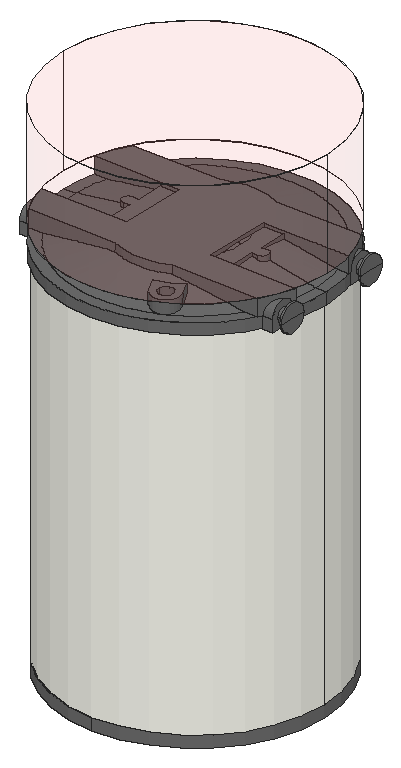
Revit family "Cooling_Plant-Accessories-Calmac-IceBank-Model-1220C2F", category Mechanical Equipment, Revit 2014
Parameters (values of type "1220C2F")
  Watermarked By = "http://revitwatermark.com"
  Water_Ice Tank Volume = "2,185 Gallons"
  Warning = "Ice tanks are a component in an ice storage system including chillers, pumps, and controls. Contact CALMAC for IceBank® selection support to make sure all system components will work together properly."
  URL = "http://www.calmac.com/"
  Total Cooling Capacity [instance] = 0.0 ton
  Tank Net Usable Capacity = "98 Ton-Hrs"
  Product Page URL = "http://www.calmac.com/products/icebank.asp"
  Is Tank 1 Front Right Connector Visible = not(CTRL Off)  # yes
  Is Tank 1 Front Left Connector Visible = not(CTRL On)  # no
  Is Tank 1 Back Right Connector Visible = not(CTRL Off)  # yes
  Is Tank 1 Back Left Connector Visible = not(CTRL On)  # no
  Surface Finish = Plastic- Calmac- Black
  Supply Coolant Temperature [instance] = -459.67 °F
  Storage Inlet Temperature [instance] = 60 °F
  Shipping Weight = 2600.00 lbf
  Return Coolant Temperature [instance] = -459.67 °F
  Requires Plate Heat Exchanger [instance] = no
  Project/Customer = ""
  Product Documentation Link = ""
  Pressure Drop [instance] = 0.00 psi
  Precool Hours [instance] = 0
  Pipe Material = Plastic- Calmac- Black
  Operating Weight = 22500.00 lbf
  Occupied Hours [instance] = 0
  Model = "1220C2F"  # constant formula
  Maximum Operating Temperature = "77 °F"
  Maximum Operating Pressure = "620 kPa"
  Manufacturer e-mail = "info@Calmac.com"
  Manufacturer Contact Details = "CALMAC Manufacturing Corporation Headquarters, 3-00 Banta Place, Fair Lawn, NJ  07410, Tel: (201) 797-1511, Fax: (201) 797-1522"
  Manufacturer = "CALMAC Manufacturing Corp."  # constant formula
  Main Use [instance] = ""
  Location [instance] = ""
  Lid Type = Cooling_Plant_Accessories-Calmac-IceBank-Lid_C : Lid-C
  Lid Diameter = 89"  # constant formula
  Leg 4 = 45"  # constant formula
  Leg 1 = 46"  # constant formula
  Latent Cooling Capacity [instance] = 0.0 ton
  Inlet Outlet Center Height = 129"  # constant formula
  Heat Exchanger Volume = "205 Gallons"
  Has Rigging Bar [instance] = no
  Has Plate and Frame Heat Exchanger [instance] = no
  Has Ice Inventory Meter [instance] = no
  Has Heat Transfer Fluid [instance] = no
  Has Glycol Management System [instance] = no
  Floor Loading Weight = "520 lb/sq.ft."
  Factory Tested Pressure = "1724 kPa"
  Diversity Factor [instance] = 0
  Discharge Rate [instance] = 0
  Discharge Hours [instance] = 0
  Description = "Off-Peak Cooling System"
  Is Clearance Box Visible [instance] = yes
  Clearance Box Height = 36"  # constant formula
  City/State [instance] = ""
  CTRL On = yes
  CTRL Off = not(CTRL On)  # no
  CTRL Hydronic Supply Description = "Hydronic Supply"  # constant formula
  CTRL Hydronic Return Description = "Hydronic Return"  # constant formula
  CTRL Base Radius = 43 31/64"
  Body Material = Plastic- Calmac- Off_White
  Has Solid Base [instance] = yes
  Base Height = Inlet Outlet Center Height - 3 3/4"  # 125 1/4"
  Base Finish = Plastic- Calmac- Black
  Assembly Code = "D3030300"
  Actual Chilled Water Flow [instance] = 0 GPM
Reference planes (in)
  plane 1 "Center (Front/Back)": y = 0
  plane 2 "Bottom": z = 0
  plane 3 "Center (Left/Right)": x = 0
  plane 4 "T.O. Base": z = 125.25
  plane 5 "Inlet/Outlet Center (Elevation)": z = 129
  plane 6 "Right Connector Face": x = 46
  plane 7 "Left Connector Face": x = -45
  plane 8 "T.O. Lid": z = 134.5
  plane 9 "Top": z = 170.5
  plane 10 "Front Connection Center (F/B)": y = -16.5
  plane 11 "Back Connection Center (F/B)": y = 16.5
  plane 12 "Back": y = 44.5
  plane 13 "Front": y = -44.5
Dimensions and locks (in)
  locked: plane 5 "Inlet/Outlet Center (Elevation)" to plane 4 "T.O. Base" at 3.75
  "Inlet Outlet Center Height": plane 5 "Inlet/Outlet Center (Elevation)" to plane 2 "Bottom"
  "Leg 1": plane 3 "Center (Left/Right)" to plane 6 "Right Connector Face"
  "Leg 4": plane 7 "Left Connector Face" to plane 3 "Center (Left/Right)"
  locked: plane 8 "T.O. Lid" to plane 5 "Inlet/Outlet Center (Elevation)" at 5.5
  locked: plane 10 "Front Connection Center (F/B)" to plane 1 "Center (Front/Back)" at 16.5
  locked: plane 1 "Center (Front/Back)" to plane 11 "Back Connection Center (F/B)" at 16.5
  locked: plane 1 "Center (Front/Back)" to plane 12 "Back" at 44.5
  locked: plane 13 "Front" to plane 1 "Center (Front/Back)" at 44.5
  "Clearance Box Height": plane 9 "Top" to plane 8 "T.O. Lid"
  plane 7 "Left Connector Face" to plane 6 "Right Connector Face" = 91"  (x2)
  plane 13 "Front" to plane 12 "Back" = 89"
  plane 8 "T.O. Lid" to plane 2 "Bottom" = 134 1/2"
  aligned and locked: plane 1 "Center (Front/Back)" to nested 1
  aligned and locked: plane 3 "Center (Left/Right)" to nested 1
  aligned: plane 3 "Center (Left/Right)" to nested 2
  aligned and locked: plane 1 "Center (Front/Back)" to nested 2
  aligned: plane 4 "T.O. Base" to nested 2
  aligned and locked: plane 4 "T.O. Base" to nested 2  (x2)
  aligned and locked: plane 3 "Center (Left/Right)" to nested 2  (x2)
Nested families (in)
  nested 1: "Cooling_Plant_Accessories-Calmac-IceBank-Base" at (0, 0, 0), type "Base"
    with Is Symbolic Line Visible no, Has Solid Base yes, CTRL Inner Wall Radius 42 39/64", CTRL Base Radius 43 31/64", Base Height 125 1/4"
  nested 2: "Cooling_Plant_Accessories-Calmac-IceBank-Lid_C" at (0, 0, 125.25), type <- "Lid Type", Is Front Right  Flanged Connector Visibility <- "Is Tank 1 Front Right Connector Visible", Is Front Left  Flanged Connector Visibility <- "Is Tank 1 Front Left Connector Visible", Is Clearance Box Visible <- "Is Clearance Box Visible", Is Back Right Flanged Connector Visibility <- "Is Tank 1 Back Right Connector Visible", Is Back Left  Flanged Connector Visibility <- "Is Tank 1 Back Left Connector Visible", Diameter <- "Lid Diameter", Clearance Box Height <- "Clearance Box Height", type "Lid-C"
    with Is Front Right  Flanged Connector Visibility yes, Is Front Left  Flanged Connector Visibility no, Is Clearance Box Visible yes, Is Back Right Flanged Connector Visibility yes, Is Back Left  Flanged Connector Visibility no, Diameter 89", Connections Rear Cooling_Plant_Accessories-Calmac-IceBank-4-Inch Flanged Connection : Flange, Connections Front Cooling_Plant_Accessories-Calmac-IceBank-4-Inch Flanged Connection : Flange, Clearance Box Height 36", CTRL Radius 44 1/2"
Connectors (in)
  piping at (45.3757, -16.5, 129), diameter 4, driven by "CTRL Hydronic Return Description", driven by "Actual Chilled Water Flow"
    settings: on nested 2, index 4, connector inside diameter 24", connector length 0", flow factor 0, pipe flow 0 GPM, pressure drop 0.00 psi, fitting loss kfactor 0, connector angle 0.00°, fixture units 0, engagement length 0", angle of deflection 0.00°, flow configuration 0, flow direction 1, fitting loss method 0, system type 8, joint type 0, gender type 0, connector reference index -1, connector utility 0, adjustable connector no, is connector primary yes, connector description "Hydronic Return"
  piping at (45.3757, 16.5, 129), diameter 4, driven by "CTRL Hydronic Supply Description", driven by "Actual Chilled Water Flow"
    settings: on nested 2, index 5, connector inside diameter 24", connector length 0", flow factor 0, pipe flow 0 GPM, pressure drop 0.00 psi, fitting loss kfactor 0, connector angle 0.00°, fixture units 0, engagement length 0", angle of deflection 0.00°, flow configuration 0, flow direction 2, fitting loss method 0, system type 7, joint type 0, gender type 0, connector reference index -1, connector utility 0, adjustable connector no, is connector primary no, connector description "Hydronic Supply"
Definition of nested family "Cooling_Plant_Accessories-Calmac-IceBank-Base"
  Parameters (values of type "Base")
    Wall Thickness = 7/8"
    URL = "http://www.calmac.com/"
    Type Comments = ""
    Is Symbolic Line Visible = not(Has Solid Base)  # yes
    Has Solid Base = no
    Model = ""
    Manufacturer = "CALMAC Manufacturing Corp."  # constant formula
    CTRL Inner Wall Radius = CTRL Base Radius - Wall Thickness  # 36"
    CTRL Base Radius = 36 7/8"
    Body Material = Plastic- Calmac- Off_White
    Base Height = 43 5/16"
    Base Finish = Plastic- Calmac- Black
    Assembly Code = "D3030"
  Reference planes (in)
    plane 1 "Center (Front/Back)": y = 0
    plane 2 "Bottom": z = 0
    plane 3 "Center (Left/Right)": x = 0
    plane 4 "Back": y = 36.875
    plane 5 "Front": y = -36.875
    plane 6 "Right": x = 36.875
    plane 7 "Left": x = -36.875
    plane 8 "T.O. Base Plate": z = 4
    plane 9 "Right Edge of Right Void": x = 24.125
    plane 10 "Left Edge of Right Void": x = 13.125
    plane 11 "Left Edge of Left Void": x = -24.125
    plane 12 "Right Edge of Left Void": x = -13.125
    plane 13 "T.O. Base Void": z = 2
    plane 14 "T.O. Base": z = 43.3125
  Forms (in)
    Extrusion 1, solid, material "Plastic- Calmac- Black" <- "Base Finish", visible <- "Is Symbolic Line Visible", detail levels fine
      sketch origin (0, 0, 0) x (1, 0, 0) y (0, 1, 0)
        loop
          circle (0, 0) r 36.875
      from 0 to 4
    Extrusion 2, void
      sketch origin (0, 0, 0) x (1, 0, 0) y (0, 1, 0)
        loop
          line (-24.125, 36.875) -> (-24.125, -36.875) -> (-13.125, -36.875) -> (-13.125, 36.875) -> (-24.125, 36.875)
        loop
          line (13.125, 36.875) -> (13.125, -36.875) -> (24.125, -36.875) -> (24.125, 36.875) -> (13.125, 36.875)
      from 0 to 2
    Extrusion 3, solid, material "Plastic- Calmac- Off_White" <- "Body Material", detail levels fine
      sketch origin (0, 0, 0) x (1, 0, 0) y (0, 1, 0)
        loop
          circle (0, 0) r 36.875
        loop
          circle (0, 0) r 36
      from 4 to 43.3125
    Extrusion 4, solid, material "Plastic- Calmac- Black" <- "Base Finish", visible <- "Has Solid Base", detail levels fine
      sketch origin (0, 0, 43.3125) x (0, -1, 0) y (1, 0, 0)
        loop
          circle (0, 0) r 36.875
      from -43.3125 to -39.3125
  Cuts and joins
    Extrusion 2 cuts Extrusion 3
    Extrusion 2 cuts Extrusion 1
  Lines and regions (in)
    Masking region 1
      outline origin (0, 0, 0) x (1, 0, 0) y (0, 1, 0)
        loop
          circle (0, 0) r 36.875
    Masking region 2
      outline origin (0, 0, 0) x (1, 0, 0) y (0, 0, 1)
        loop
          line (-36.875, 0) -> (36.875, 0) -> (36.875, 43.3125) -> (-36.875, 43.3125) -> (-36.875, 0)
    Masking region 3
      outline origin (0, 0, 0) x (0, 1, 0) y (0, 0, 1)
        loop
          line (-36.875, 0) -> (36.875, 0) -> (36.875, 43.3125) -> (-36.875, 43.3125) -> (-36.875, 0)
    symbolic lines, style "Base", detail levels medium+fine
      curve 1: line (-36.875, 0, 4) -> (36.875, 0, 4)
      curve 8: line (0, -36.875, 4) -> (0, 36.875, 4)
    symbolic lines, style "Base", visible <- "Is Symbolic Line Visible", detail levels medium+fine
      curve 2: line (-24.125, 0, 0) -> (-24.125, 0, 2)
      curve 3: line (-24.125, 0, 2) -> (-13.125, 0, 2)
      curve 4: line (13.125, 0, 2) -> (24.125, 0, 2)
      curve 5: line (13.125, 0, 0) -> (13.125, 0, 2)
      curve 6: line (24.125, 0, 0) -> (24.125, 0, 2)
      curve 7: line (-13.125, 0, 0) -> (-13.125, 0, 2)
    model lines, style "Base", detail levels medium
      curve 9: circle (0, 0, 43.3125) r 36.875 normal (0, 0, 1)
      curve 10: circle (0, 0, 4) r 36.875 normal (0, 0, 1)
      curve 11: circle (0, 0, 0) r 36.875 normal (0, 0, 1)
      curve 12: line (36.875, 0, 0) -> (36.875, 0, 43.3125)
      curve 13: line (-36.875, 0, 0) -> (-36.875, 0, 43.3125)
      curve 14: line (0, -36.875, 0) -> (0, -36.875, 43.3125)
      curve 15: line (0, 36.875, 0) -> (0, 36.875, 43.3125)
    model lines, style "Base", detail levels coarse
      curve 16: line (0, 0, 0) -> (0, 0, 43.3125)
  Dimensions and locks (in)
    locked: plane 7 "Left" to plane 11 "Left Edge of Left Void" at 12.75
    locked: plane 7 "Left" to plane 12 "Right Edge of Left Void" at 23.75
    locked: plane 9 "Right Edge of Right Void" to plane 6 "Right" at 12.75
    locked: plane 10 "Left Edge of Right Void" to plane 6 "Right" at 23.75
    "CTRL Base Radius": plane 7 "Left" to plane 3 "Center (Left/Right)"
    "CTRL Base Radius": plane 3 "Center (Left/Right)" to plane 6 "Right"
    "CTRL Base Radius": plane 1 "Center (Front/Back)" to plane 4 "Back"
    "CTRL Base Radius": plane 5 "Front" to plane 1 "Center (Front/Back)"
    locked: plane 8 "T.O. Base Plate" to plane 2 "Bottom" at 4
    "Base Height": plane 14 "T.O. Base" to plane 2 "Bottom"
    locked: plane 13 "T.O. Base Void" to plane 2 "Bottom" at 2
    "CTRL Base Radius": radius of Extrusion 1 sketch curve
    "CTRL Base Radius": radius of Extrusion 3 sketch curve
    "CTRL Inner Wall Radius": radius of Extrusion 3 sketch curve
    "CTRL Base Radius": radius of Masking region 1 sketch curve
    "CTRL Base Radius": radius of curve 9
    "CTRL Base Radius": radius of curve 10
    "CTRL Base Radius": radius of curve 11
    "CTRL Base Radius": radius of Extrusion 4 sketch curve
    aligned and locked: plane 3 "Center (Left/Right)" to Extrusion 1 sketch curve
    aligned and locked: plane 1 "Center (Front/Back)" to Extrusion 1 sketch curve
    aligned and locked: Extrusion 1 to plane 2 "Bottom"
    aligned and locked: plane 8 "T.O. Base Plate" to Extrusion 1
    aligned and locked: plane 2 "Bottom" to Extrusion 1
    aligned and locked: Extrusion 2 sketch curve to plane 4 "Back"  (x2)
    aligned and locked: Extrusion 2 sketch curve to plane 12 "Right Edge of Left Void"
    aligned and locked: plane 11 "Left Edge of Left Void" to Extrusion 2 sketch curve
    aligned and locked: Extrusion 2 sketch curve to plane 5 "Front"  (x2)
    aligned and locked: Extrusion 2 sketch curve to plane 10 "Left Edge of Right Void"
    aligned and locked: Extrusion 2 sketch curve to plane 9 "Right Edge of Right Void"
    aligned and locked: plane 13 "T.O. Base Void" to Extrusion 2
    aligned and locked: Extrusion 2 to plane 2 "Bottom"
    aligned and locked: Extrusion 2 to plane 5 "Front"
    aligned and locked: plane 4 "Back" to Extrusion 2
    aligned and locked: Extrusion 2 to plane 13 "T.O. Base Void"  (x2)
    aligned and locked: plane 11 "Left Edge of Left Void" to Extrusion 2
    aligned and locked: plane 2 "Bottom" to Extrusion 2  (x2)
    aligned and locked: Extrusion 2 to plane 12 "Right Edge of Left Void"
    aligned and locked: plane 10 "Left Edge of Right Void" to Extrusion 2
    aligned and locked: Extrusion 2 to plane 9 "Right Edge of Right Void"
    aligned and locked: plane 3 "Center (Left/Right)" to Extrusion 3 sketch curve  (x2)
    aligned and locked: plane 1 "Center (Front/Back)" to Extrusion 3 sketch curve  (x2)
    aligned and locked: Extrusion 3 to plane 8 "T.O. Base Plate"
    aligned and locked: plane 14 "T.O. Base" to Extrusion 3
    aligned and locked: plane 3 "Center (Left/Right)" to Masking region 1 sketch curve
    aligned and locked: plane 1 "Center (Front/Back)" to Masking region 1 sketch curve
    aligned and locked: Masking region 2 sketch curve to plane 14 "T.O. Base"
    aligned and locked: plane 6 "Right" to Masking region 2 sketch curve
    aligned and locked: plane 2 "Bottom" to Masking region 2 sketch curve
    aligned and locked: Masking region 2 sketch curve to plane 7 "Left"
    aligned and locked: plane 7 "Left" to curve 1
    aligned and locked: plane 6 "Right" to curve 1
    aligned and locked: curve 1 to plane 8 "T.O. Base Plate"
    aligned and locked: plane 11 "Left Edge of Left Void" to curve 3
    aligned and locked: plane 12 "Right Edge of Left Void" to curve 3
    aligned and locked: curve 3 to plane 13 "T.O. Base Void"
    aligned and locked: plane 2 "Bottom" to curve 2
    aligned and locked: curve 2 to plane 11 "Left Edge of Left Void"
    aligned and locked: plane 10 "Left Edge of Right Void" to curve 4
    aligned and locked: plane 9 "Right Edge of Right Void" to curve 4
    aligned and locked: plane 13 "T.O. Base Void" to curve 5
    aligned and locked: plane 13 "T.O. Base Void" to curve 6
    aligned and locked: plane 2 "Bottom" to curve 5
    aligned and locked: curve 5 to plane 10 "Left Edge of Right Void"
    aligned and locked: curve 6 to plane 9 "Right Edge of Right Void"
    aligned and locked: plane 13 "T.O. Base Void" to curve 7
    aligned and locked: plane 2 "Bottom" to curve 7
    aligned and locked: curve 7 to plane 12 "Right Edge of Left Void"
    aligned and locked: plane 5 "Front" to Masking region 3 sketch curve
    aligned and locked: plane 14 "T.O. Base" to Masking region 3 sketch curve
    aligned and locked: Masking region 3 sketch curve to plane 4 "Back"
    aligned and locked: plane 2 "Bottom" to Masking region 3 sketch curve
    aligned and locked: plane 4 "Back" to curve 8
    aligned and locked: plane 5 "Front" to curve 8
    aligned and locked: curve 8 to plane 8 "T.O. Base Plate"
    aligned and locked: plane 3 "Center (Left/Right)" to curve 9
    aligned and locked: plane 1 "Center (Front/Back)" to curve 9
    aligned and locked: curve 9 to plane 14 "T.O. Base"
    aligned and locked: curve 10 to plane 8 "T.O. Base Plate"
    aligned and locked: plane 3 "Center (Left/Right)" to curve 10
    aligned and locked: plane 1 "Center (Front/Back)" to curve 10
    aligned: curve 11 to plane 2 "Bottom"
    aligned and locked: plane 3 "Center (Left/Right)" to curve 11
    aligned and locked: plane 1 "Center (Front/Back)" to curve 11
    aligned and locked: plane 14 "T.O. Base" to curve 12
    aligned and locked: plane 14 "T.O. Base" to curve 13
    aligned and locked: plane 2 "Bottom" to curve 12
    aligned and locked: plane 2 "Bottom" to curve 13
    aligned and locked: curve 12 to plane 6 "Right"
    aligned and locked: curve 13 to plane 7 "Left"
    aligned and locked: curve 12 to plane 1 "Center (Front/Back)"
    aligned and locked: curve 13 to plane 1 "Center (Front/Back)"
    aligned and locked: plane 14 "T.O. Base" to curve 14
    aligned and locked: plane 14 "T.O. Base" to curve 15
    aligned and locked: plane 2 "Bottom" to curve 14
    aligned and locked: plane 2 "Bottom" to curve 15
    aligned and locked: plane 4 "Back" to curve 15
    aligned and locked: plane 5 "Front" to curve 14
    aligned and locked: plane 3 "Center (Left/Right)" to curve 14
    aligned and locked: plane 3 "Center (Left/Right)" to curve 15
    aligned and locked: plane 14 "T.O. Base" to curve 16
    aligned and locked: plane 2 "Bottom" to curve 16
    aligned and locked: plane 3 "Center (Left/Right)" to curve 16
    aligned and locked: curve 16 to plane 1 "Center (Front/Back)"
    aligned and locked: plane 1 "Center (Front/Back)" to Extrusion 4 sketch curve
    aligned and locked: plane 3 "Center (Left/Right)" to Extrusion 4 sketch curve
    aligned and locked: plane 8 "T.O. Base Plate" to Extrusion 4
    aligned and locked: Extrusion 4 to plane 2 "Bottom"
  Automatic sketch dimensions
    curve 6 to level = 0"
Definition of nested family "Cooling_Plant_Accessories-Calmac-IceBank-Lid_C"
  Parameters (values of type "Lid-C")
    Surface Finish = Plastic- Calmac- Black
    Connections Rear [instance] = Cooling_Plant_Accessories-Calmac-IceBank-4-Inch Flanged Connection : Flange
    Pipe Material = Plastic- Calmac- Black
    Is Front Right  Flanged Connector Visibility [instance] = yes
    Is Front Left  Flanged Connector Visibility [instance] = yes
    Connections Front [instance] = Cooling_Plant_Accessories-Calmac-IceBank-4-Inch Flanged Connection : Flange
    Diameter [instance] = 88 5/8"
    Is Clearance Box Visible [instance] = yes
    Clearance Box Height [instance] = 36"
    CTRL Radius [instance] = Diameter / 2  # 44 5/16"
    Is Back Right Flanged Connector Visibility [instance] = yes
    Is Back Left  Flanged Connector Visibility [instance] = yes
  Reference planes (in)
    plane 1 "Center (Front/Back)": y = 0
    plane 2 "Bottom": z = 0
    plane 3 "Center (Left/Right)": x = 0
    plane 4 "Back": y = 44.315
    plane 5 "Back Connector Back": y = 20.75
    plane 6 "Back Connector Center": y = 16.5
    plane 7 "Back Connector Front": y = 12.25
    plane 8 "Piping Back": y = 21.88647
    plane 9 "Rigging Back": y = 11.25
    plane 10 "Rigging Loop Back": y = 2
    plane 11 "Top Back Edge": y = 24
    plane 12 "Back Inset": y = 40.5
    plane 13 "Back Bolt Front": y = 41.313
    plane 14 "Front": y = -44.315
    plane 15 "Front Connection Front": y = -20.75
    plane 16 "Fron Connector Center": y = -16.5
    plane 17 "Front Connector Back": y = -12.25
    plane 18 "Piping Front": y = -21.88647
    plane 19 "Rigging Front": y = -11.25
    plane 20 "Rigging Loop Front": y = -2
    plane 21 "Top Front Edge": y = -24
    plane 22 "Front Inset": y = -40.5
    plane 23 "Pad Eye Back Right": y = -25.81593
    plane 24 "Pad Eye Back Left Offset": y = -29.90257
    plane 25 "Pad Eye Hole": y = -34.65277
    plane 26 "Pad Eye Back Left": y = -29.72849
    plane 27 "Pad Eye Front Center": y = -36.16371
    plane 28 "Left Connection": x = -44.04297
    plane 29 "Left": x = -44.31273
    plane 30 "Left Lip Inset": x = -40.49773
    plane 31 "Left Rigging Loop Left": x = -24.67173
    plane 32 "Left Rigging Loop Inset": x = -21.42181
    plane 33 "Left Rigging Loop Right": x = -20.67011
    plane 34 "Left Rigging Right": x = -14.19546
    plane 35 "Top Left": x = -9.54335
    plane 36 "Right Connection": x = 44.04297
    plane 37 "Right": x = 44.31273
    plane 38 "Lid Inset Right": x = 40.49773
    plane 39 "Right Rigging Loop Right": x = 24.67173
    plane 40 "Right Rigging Loop Inset": x = 21.42181
    plane 41 "Right Rigging Loop Left": x = 20.67011
    plane 42 "Right Rigging Left": x = 14.19546
    plane 43 "Top Right": x = 9.54335
    plane 44 "Connection Sleeve Left": x = -42.58273
    plane 45 "Connection Sleeve Right": x = 42.58273
    plane 46 "Right Center": x = 17.8202
    plane 47 "Bolt Inset Right": x = 1.00017
    plane 48 "Bolt Inset Left": x = -1.00017
    plane 49 "Bolt Inset Center": y = 42.31422
    plane 50 "Top Left Inset": x = -38.53052
    plane 51 "Top Right Inset": x = 38.53052
    plane 52 "Right Side Chanel": x = 42.86089
    plane 53 "Left Side Channel": x = -42.86089
    plane 54 "Top of Clearance Box": z = 45.25
    plane 55 "Top": z = 9.25
    plane 56 "Connector Channel Top": z = 8
    plane 57 "Center (Elevation)": z = 3.75
    plane 58 "Front Inset 2": y = -36.85443
    plane 59 "Flange Left": x = -46.0007
    plane 60 "Flange Right": x = 46.0007
  Forms (in)
    Revolve 1, solid, material "Plastic- Calmac- Black" <- "Surface Finish", detail levels fine
      sketch origin (0, 0, 0) x (1, 0, 0) y (0, 0, 1)
        loop
          line (0, 9) -> (0, 0) -> (44.31273, 0) -> (44.31273, 3.75) -> (40.49773, 3.75) -> (9.54335, 9) -> (0, 9)
        axis (0, 9) -> (0, 0)
      angle from 0 to 360
    Extrusion 2, solid, material "Plastic- Calmac- Black" <- "Surface Finish", detail levels fine
      sketch origin (0, 0, 0) x (1, 0, 0) y (0, 1, 0)
        loop
          arc (-38.53052, 21.88647) -> (-41.04173, 16.70911) -> (-42.86089, 11.25) r 44.31273
          line (-42.86089, 11.25) -> (-14.19546, 11.25) -> (-14.19546, -11.25) -> (-42.86089, -11.25)
          arc (-42.86089, -11.25) -> (-41.04173, -16.70911) -> (-38.53052, -21.88647) r 44.31273
          line (-38.53052, -21.88647) -> (-9.54335, -21.88647)
          arc (-9.54335, -21.88647) -> (0, -24) -> (9.54335, -21.88647) r 22.60261
          line (9.54335, -21.88647) -> (38.53052, -21.88647)
          arc (38.53052, -21.88647) -> (41.04173, -16.70911) -> (42.86089, -11.25) r 44.31273
          line (42.86089, -11.25) -> (14.19546, -11.25) -> (14.19546, 11.25) -> (42.86089, 11.25)
          arc (42.86089, 11.25) -> (41.04173, 16.70911) -> (38.53052, 21.88647) r 44.31273
          line (38.53052, 21.88647) -> (9.54335, 21.88647)
          arc (9.54335, 21.88647) -> (0, 24) -> (-9.54335, 21.88647) r 22.60261
          line (-9.54335, 21.88647) -> (-38.53052, 21.88647)
      from 3.75 to 9.25
    Extrusion 3, solid, material "Plastic- Calmac- Black" <- "Surface Finish", detail levels fine
      sketch origin (0, 0, 0) x (0, 1, 0) y (0, 0, 1)
        loop
          arc (20.75, 3.75) -> (16.5, 8) -> (12.25, 3.75) r 4.25
          line (12.25, 3.75) -> (12.25, 0) -> (20.75, 0) -> (20.75, 3.75)
        loop
          arc (-12.25, 3.75) -> (-16.5, 8) -> (-20.75, 3.75) r 4.25
          line (-20.75, 3.75) -> (-20.75, 0) -> (-12.25, 0) -> (-12.25, 3.75)
      from -42.58273 to 42.58273
    Extrusion 4, solid, material "Plastic- Calmac- Black" <- "Surface Finish", detail levels fine
      sketch origin (0, 0, 0) x (1, 0, 0) y (0, 1, 0)
        loop
          circle (15.75299, -32.19443) r 2.46875
        loop
          arc (17.70624, -25.58301) -> (13.67455, -27.9461) -> (9.33437, -29.67863) r 31.11
          line (9.33437, -29.67863) -> (11.56709, -34.24232)
          arc (11.56709, -34.24232) -> (17.80089, -36.38032) -> (19.93889, -30.14653) r 4.66
          line (19.93889, -30.14653) -> (17.70624, -25.58301)
      from 3.75 to 8
    Extrusion 5, solid, material "Plastic- Calmac- Black" <- "Surface Finish", detail levels fine
      sketch origin (0, 0, 0) x (1, 0, 0) y (0, 1, 0)
        loop
          line (-20.67011, 11.25) -> (-20.67011, 2) -> (-22.67173, 2)
          arc (-22.67173, 2) -> (-24.67173, 0) -> (-22.67173, -2) r 2
          line (-22.67173, -2) -> (-20.67011, -2) -> (-20.67011, -11.25) -> (-14.19546, -11.25) -> (-14.19546, 11.25) -> (-20.67011, 11.25)
        loop
          line (20.67011, 2) -> (20.67011, 11.25) -> (14.19546, 11.25) -> (14.19546, -11.25) -> (20.67011, -11.25) -> (20.67011, -2) -> (22.67548, -2)
          arc (22.67548, -2) -> (24.67548, 0) -> (22.67548, 2) r 2
          line (22.67548, 2) -> (20.67011, 2)
      from 3.75 to 8
  Cuts and joins
    joined: Revolve 1, Extrusion 2, Extrusion 4, Extrusion 5
  Lines and regions (in)
    Masking region 1
      outline origin (0, 0, 0) x (1, 0, 0) y (0, 0, 1)
        loop
          line (-44.31273, 9.25) -> (-44.31273, 0) -> (44.31273, 0) -> (44.31273, 9.25) -> (-44.31273, 9.25)
    Masking region 2
      outline origin (0, 0, 0) x (0, 1, 0) y (0, 0, 1)
        loop
          line (44.315, 3.75) -> (40.5, 3.75) -> (24, 6.54801) -> (24, 9.25) -> (-24, 9.25) -> (-24, 6.54801) -> (-25.58301, 6.26888) -> (-25.58301, 8) -> (-36.85443, 8) -> (-36.85443, 4.39281) -> (-40.5, 3.75) -> (-44.315, 3.75) -> (-44.315, 0) -> (44.315, 0) -> (44.315, 3.75)
    Masking region 3
      outline origin (0, 0, 3.75) x (-1, 0, 0) y (0, -1, 0)
        loop
          arc (-44.31273, 0) -> (-43.8781, -6.19116) -> (-42.58273, -12.26088) r 44.31273
          line (-42.58273, -12.26088) -> (-42.58273, -20.75) -> (-39.15426, -20.75)
          arc (-39.15426, -20.75) -> (0, -44.31273) -> (39.15426, -20.75) r 44.31273
          line (39.15426, -20.75) -> (42.58273, -20.75) -> (42.58273, -12.26088)
          arc (42.58273, -12.26088) -> (43.8781, -6.19116) -> (44.31273, 0) r 44.31273
          arc (44.31273, 0) -> (43.8781, 6.19116) -> (42.58273, 12.26088) r 44.31273
          line (42.58273, 12.26088) -> (42.58273, 20.75) -> (39.15426, 20.75)
          arc (39.15426, 20.75) -> (0, 44.31273) -> (-39.15426, 20.75) r 44.31273
          line (-39.15426, 20.75) -> (-42.58273, 20.75) -> (-42.58273, 12.26088)
          arc (-42.58273, 12.26088) -> (-43.8781, 6.19116) -> (-44.31273, 0) r 44.31273
    symbolic lines, detail levels fine
      curve 1: line (1.00017, 44.315, 3.75) -> (1.00017, 42.31422, 3.75)
      curve 2: line (-1.00017, 44.315, 3.75) -> (-1.00017, 42.31422, 3.75)
      curve 3: arc (-1.00017, 42.31422, 3.75) -> (0, 41.31405, 3.75) -> (1.00017, 42.31422, 3.75) r 1.00017
      curve 4: line (10.83611, 42.98137, 3.75) -> (10.39089, 41.03076, 3.75)
      curve 5: line (8.88592, 43.42649, 3.75) -> (8.44071, 41.47588, 3.75)
      curve 6: arc (8.44071, 41.47588, 3.75) -> (9.19324, 40.27822, 3.75) -> (10.39089, 41.03076, 3.75) r 1.00017
      curve 7: line (-8.88592, 43.42649, 3.75) -> (-8.44071, 41.47588, 3.75)
      curve 8: line (-10.83611, 42.98137, 3.75) -> (-10.39089, 41.03076, 3.75)
      curve 9: arc (-10.39089, 41.03076, 3.75) -> (-9.19324, 40.27822, 3.75) -> (-8.44071, 41.47588, 3.75) r 1.00017
      curve 10: line (-18.32644, 40.36039, 3.75) -> (-17.45833, 38.55775, 3.75)
      curve 11: line (-20.12868, 39.49248, 3.75) -> (-19.26058, 37.68984, 3.75)
      curve 12: arc (-19.26058, 37.68984, 3.75) -> (-17.9255, 37.22267, 3.75) -> (-17.45833, 38.55775, 3.75) r 1.00017
      curve 13: line (-26.84799, 35.27046, 3.75) -> (-25.60052, 33.70619, 3.75)
      curve 14: line (-28.41192, 34.02327, 3.75) -> (-27.16445, 32.45899, 3.75)
      curve 15: arc (-27.16445, 32.45899, 3.75) -> (-25.75889, 32.30063, 3.75) -> (-25.60052, 33.70619, 3.75) r 1.00017
      curve 16: line (-34.02327, 28.41192, 3.75) -> (-32.45899, 27.16445, 3.75)
      curve 17: line (-35.27046, 26.84799, 3.75) -> (-33.70619, 25.60052, 3.75)
      curve 18: arc (-33.70619, 25.60052, 3.75) -> (-32.30063, 25.75889, 3.75) -> (-32.45899, 27.16445, 3.75) r 1.00017
      curve 19: line (-42.98137, 10.83611, 3.75) -> (-41.03076, 10.39089, 3.75)
      curve 20: line (-43.42649, 8.88592, 3.75) -> (-41.47588, 8.44071, 3.75)
      curve 21: arc (-41.47588, 8.44071, 3.75) -> (-40.27822, 9.19324, 3.75) -> (-41.03076, 10.39089, 3.75) r 1.00017
      curve 22: line (-44.315, 1.00017, 3.75) -> (-42.31422, 1.00017, 3.75)
      curve 23: line (-44.315, -1.00017, 3.75) -> (-42.31422, -1.00017, 3.75)
      curve 24: arc (-42.31422, -1.00017, 3.75) -> (-41.31405, 0, 3.75) -> (-42.31422, 1.00017, 3.75) r 1.00017
      curve 25: line (-43.42649, -8.88592, 3.75) -> (-41.47588, -8.44071, 3.75)
      curve 26: line (-42.98137, -10.83611, 3.75) -> (-41.03076, -10.39089, 3.75)
      curve 27: arc (-41.03076, -10.39089, 3.75) -> (-40.27822, -9.19324, 3.75) -> (-41.47588, -8.44071, 3.75) r 1.00017
      curve 28: line (-35.27046, -26.84799, 3.75) -> (-33.70619, -25.60052, 3.75)
      curve 29: line (-34.02327, -28.41192, 3.75) -> (-32.45899, -27.16445, 3.75)
      curve 30: arc (-32.45899, -27.16445, 3.75) -> (-32.30063, -25.75889, 3.75) -> (-33.70619, -25.60052, 3.75) r 1.00017
      curve 31: line (-28.41192, -34.02327, 3.75) -> (-27.16445, -32.45899, 3.75)
      curve 32: line (-26.84799, -35.27046, 3.75) -> (-25.60052, -33.70619, 3.75)
      curve 33: arc (-25.60052, -33.70619, 3.75) -> (-25.75889, -32.30063, 3.75) -> (-27.16445, -32.45899, 3.75) r 1.00017
      curve 34: line (-20.12868, -39.49248, 3.75) -> (-19.26058, -37.68984, 3.75)
      curve 35: line (-18.32644, -40.36039, 3.75) -> (-17.45833, -38.55775, 3.75)
      curve 36: arc (-17.45833, -38.55775, 3.75) -> (-17.9255, -37.22267, 3.75) -> (-19.26058, -37.68984, 3.75) r 1.00017
      curve 37: line (-10.83611, -42.98137, 3.75) -> (-10.39089, -41.03076, 3.75)
      curve 38: line (-8.88592, -43.42649, 3.75) -> (-8.44071, -41.47588, 3.75)
      curve 39: arc (-8.44071, -41.47588, 3.75) -> (-9.19324, -40.27822, 3.75) -> (-10.39089, -41.03076, 3.75) r 1.00017
      curve 40: line (-1.00017, -44.315, 3.75) -> (-1.00017, -42.31422, 3.75)
      curve 41: line (1.00017, -44.315, 3.75) -> (1.00017, -42.31422, 3.75)
      curve 42: arc (1.00017, -42.31422, 3.75) -> (0, -41.31405, 3.75) -> (-1.00017, -42.31422, 3.75) r 1.00017
      curve 43: line (8.88592, -43.42649, 3.75) -> (8.44071, -41.47588, 3.75)
      curve 44: line (10.83611, -42.98137, 3.75) -> (10.39089, -41.03076, 3.75)
      curve 45: arc (10.39089, -41.03076, 3.75) -> (9.19324, -40.27822, 3.75) -> (8.44071, -41.47588, 3.75) r 1.00017
      curve 46: line (18.32644, -40.36039, 3.75) -> (17.45833, -38.55775, 3.75)
      curve 47: line (20.12868, -39.49248, 3.75) -> (19.26058, -37.68984, 3.75)
      curve 48: arc (19.26058, -37.68984, 3.75) -> (17.9255, -37.22267, 3.75) -> (17.45833, -38.55775, 3.75) r 1.00017
      curve 49: line (26.84799, -35.27046, 3.75) -> (25.60052, -33.70619, 3.75)
      curve 50: line (28.41192, -34.02327, 3.75) -> (27.16445, -32.45899, 3.75)
      curve 51: arc (27.16445, -32.45899, 3.75) -> (25.75889, -32.30063, 3.75) -> (25.60052, -33.70619, 3.75) r 1.00017
      curve 52: line (34.02327, -28.41192, 3.75) -> (32.45899, -27.16445, 3.75)
      curve 53: line (35.27046, -26.84799, 3.75) -> (33.70619, -25.60052, 3.75)
      curve 54: arc (33.70619, -25.60052, 3.75) -> (32.30063, -25.75889, 3.75) -> (32.45899, -27.16445, 3.75) r 1.00017
      curve 55: line (42.98137, -10.83611, 3.75) -> (41.03076, -10.39089, 3.75)
      curve 56: line (43.42649, -8.88592, 3.75) -> (41.47588, -8.44071, 3.75)
      curve 57: arc (41.47588, -8.44071, 3.75) -> (40.27822, -9.19324, 3.75) -> (41.03076, -10.39089, 3.75) r 1.00017
      curve 58: line (44.315, -1.00017, 3.75) -> (42.31422, -1.00017, 3.75)
      curve 59: line (44.315, 1.00017, 3.75) -> (42.31422, 1.00017, 3.75)
      curve 60: arc (42.31422, 1.00017, 3.75) -> (41.31405, 0, 3.75) -> (42.31422, -1.00017, 3.75) r 1.00017
      curve 61: line (43.42649, 8.88592, 3.75) -> (41.47588, 8.44071, 3.75)
      curve 62: line (42.98137, 10.83611, 3.75) -> (41.03076, 10.39089, 3.75)
      curve 63: arc (41.03076, 10.39089, 3.75) -> (40.27822, 9.19324, 3.75) -> (41.47588, 8.44071, 3.75) r 1.00017
      curve 64: line (35.27046, 26.84799, 3.75) -> (33.70619, 25.60052, 3.75)
      curve 65: line (34.02327, 28.41192, 3.75) -> (32.45899, 27.16445, 3.75)
      curve 66: arc (32.45899, 27.16445, 3.75) -> (32.30063, 25.75889, 3.75) -> (33.70619, 25.60052, 3.75) r 1.00017
      curve 67: line (28.41192, 34.02327, 3.75) -> (27.16445, 32.45899, 3.75)
      curve 68: line (26.84799, 35.27046, 3.75) -> (25.60052, 33.70619, 3.75)
      curve 69: arc (25.60052, 33.70619, 3.75) -> (25.75889, 32.30063, 3.75) -> (27.16445, 32.45899, 3.75) r 1.00017
      curve 70: line (20.12868, 39.49248, 3.75) -> (19.26058, 37.68984, 3.75)
      curve 71: line (18.32644, 40.36039, 3.75) -> (17.45833, 38.55775, 3.75)
      curve 72: arc (17.45833, 38.55775, 3.75) -> (17.9255, 37.22267, 3.75) -> (19.26058, 37.68984, 3.75) r 1.00017
    symbolic lines, style "Thermal Energy Storage", detail levels medium+fine
      curve 73: arc (0, 20.75, 3.75) -> (0, 16.5, 8) -> (0, 12.25, 3.75) r 4.25
      curve 74: line (0, 20.75, 0) -> (0, 20.75, 3.75)
      curve 75: line (0, 12.25, 3.75) -> (0, 12.25, 0)
      curve 77: line (0, 21.88647, 3.75) -> (0, 21.88647, 9.25)
      curve 78: line (0, 21.88647, 3.75) -> (0, 40.5, 3.75)
      curve 80: line (0, -11.25, 3.75) -> (0, -11.25, 9.25)
      curve 86: line (0, 11.25, 9.25) -> (0, 11.25, 3.75)
      curve 87: line (0, 11.25, 3.75) -> (0, -11.25, 3.75)
      curve 88: arc (0, -12.25, 3.75) -> (0, -16.5, 8) -> (0, -20.75, 3.75) r 4.25
      curve 89: line (0, -12.25, 0) -> (0, -12.25, 3.75)
      curve 90: line (0, -20.75, 3.75) -> (0, -20.75, 0)
      curve 95: line (0, -21.88647, 9.25) -> (0, -21.88647, 3.75)
      curve 96: line (0, -21.88647, 3.75) -> (0, -40.49773, 3.75)
      curve 98: line (-38.53052, 0, 3.75) -> (38.53052, 0, 3.75)
      curve 100: line (-38.53052, 0, 3.75) -> (-38.53052, 0, 9.25)
      curve 110: line (38.53052, 0, 3.75) -> (38.53052, 0, 9.25)
      curve 121: line (-9.54335, 21.88647, 3.75) -> (-38.53052, 21.88647, 3.75)
      curve 122: arc (-38.53052, 21.88647, 3.75) -> (-41.04173, 16.70911, 3.75) -> (-42.86089, 11.25, 3.75) r 44.31273
      curve 123: line (-42.86089, 11.25, 3.75) -> (-14.19546, 11.25, 3.75)
      curve 124: line (-14.19546, 11.25, 3.75) -> (-14.19546, -11.25, 3.75)
      curve 125: line (-14.19546, -11.25, 3.75) -> (-42.86089, -11.25, 3.75)
      curve 126: arc (-42.86089, -11.25, 3.75) -> (-41.04173, -16.70911, 3.75) -> (-38.53052, -21.88647, 3.75) r 44.31273
      curve 127: line (-38.53052, -21.88647, 3.75) -> (-9.54335, -21.88647, 3.75)
      curve 128: arc (-9.54335, -21.88647, 3.75) -> (0, -24, 3.75) -> (9.54335, -21.88647, 3.75) r 22.60261
      curve 129: line (9.54335, -21.88647, 3.75) -> (38.53052, -21.88647, 3.75)
      curve 130: arc (38.53052, -21.88647, 3.75) -> (41.04173, -16.70911, 3.75) -> (42.86089, -11.25, 3.75) r 44.31273
      curve 131: line (42.86089, -11.25, 3.75) -> (14.19546, -11.25, 3.75)
      curve 132: line (14.19546, -11.25, 3.75) -> (14.19546, 11.25, 3.75)
      curve 133: line (14.19546, 11.25, 3.75) -> (42.86089, 11.25, 3.75)
      curve 134: arc (42.86089, 11.25, 3.75) -> (41.04173, 16.70911, 3.75) -> (38.53052, 21.88647, 3.75) r 44.31273
      curve 135: line (38.53052, 21.88647, 3.75) -> (9.54335, 21.88647, 3.75)
      curve 136: arc (9.54335, 21.88647, 3.75) -> (0, 24, 3.75) -> (-9.54335, 21.88647, 3.75) r 22.60261
      curve 165: arc (-34.07417, -21.88647, 3.75) -> (0, -40.51236, 3.75) -> (34.07417, -21.88647, 3.75) r 40.48056
      curve 166: arc (-38.90378, -11.25, 3.75) -> (-40.49773, 0, 3.75) -> (-38.90378, 11.25, 3.75) r 40.49773
      curve 167: arc (-34.07417, 21.88647, 3.75) -> (0, 40.5, 3.75) -> (34.07417, 21.88647, 3.75) r 40.49507
      curve 168: arc (38.90378, 11.25, 3.75) -> (40.49773, 0, 3.75) -> (38.90378, -11.25, 3.75) r 40.49773
    symbolic lines, style "Thermal Energy Storage", detail levels fine
      curve 76: line (0, 24, 6.54801) -> (0, 21.87678, 6.54801)
      curve 79: arc (0, -2, 7.09716) -> (0, -6.62882, 6.93697) -> (0, -11.25, 6.62646) r 142.52273
      curve 81: line (0, -11.25, 8) -> (0, -2, 8)
      curve 82: line (0, -2, 8) -> (0, -2, 6.75604)
      curve 83: arc (0, 11.25, 6.62646) -> (0, 6.62882, 6.93697) -> (0, 2, 7.09716) r 142.52273
      curve 84: line (0, 2, 6.75593) -> (0, 2, 8)
      curve 85: line (0, 2, 8) -> (0, 11.25, 8)
      curve 91: line (0, -36.85495, 4.39272) -> (0, -25.60206, 6.37691)
      curve 92: line (0, -24, 6.54801) -> (0, -21.9107, 6.54801)
      curve 93: spline (0, -1.99864, 6.75604) -> (0, -1.98159, 6.71429) -> (0, -1.93074, 6.67324) -> (0, -1.84694, 6.63358) -> (0, -1.73161, 6.59599) -> (0, -1.58672, 6.56109) -> (0, -1.4147, 6.52948) -> (0, -1.21849, 6.50169) -> (0, -1.0014, 6.4782) -> (0, -0.7671, 6.45941) -> (0, -0.51958, 6.44563) -> (0, -0.26302, 6.43709) -> (0, -0.00177, 6.43395)
      curve 94: spline (0, -0.00177, 6.43395) -> (0, 0.25981, 6.43472) -> (0, 0.51674, 6.44125) -> (0, 0.76466, 6.45344) -> (0, 0.99936, 6.47108) -> (0, 1.21686, 6.49387) -> (0, 1.41346, 6.52142) -> (0, 1.58583, 6.55326) -> (0, 1.73103, 6.58885) -> (0, 1.84661, 6.62759) -> (0, 1.93059, 6.66882) -> (0, 1.98156, 6.71185) -> (0, 1.99865, 6.75593)
      curve 97: line (-42.58273, 0, 8) -> (-42.58273, 0, 0)
      curve 99: spline (9.33437, 0, 6.56806) -> (7.83355, 0, 6.56193) -> (6.29236, 0, 6.55689) -> (4.71875, 0, 6.55296) -> (3.12081, 0, 6.55016) -> (1.50679, 0, 6.54851) -> (-0.115, 0, 6.54801) -> (-1.73619, 0, 6.54867) -> (-3.34844, 0, 6.55049) -> (-4.94343, 0, 6.55345) -> (-6.51294, 0, 6.55754) -> (-8.04888, 0, 6.56273) -> (-9.54335, 0, 6.56901)
      curve 101: line (9.33437, 0, 5.34188) -> (9.33437, 0, 8)
      curve 102: line (20.41299, 0, 8) -> (9.33437, 0, 8)
      curve 103: line (9.54335, 0, 8) -> (9.54335, 0, 9)
      curve 104: line (20.41299, 0, 8) -> (20.41299, 0, 4.17536)
      curve 105: line (9.33437, 0, 5.34188) -> (11.56709, 0, 4.48854)
      curve 106: arc (11.56709, 0, 4.48854) -> (14.16986, 0, 3.94334) -> (16.82208, 0, 3.75) r 19.90238
      curve 107: arc (20.41299, 0, 4.17536) -> (20.37233, 0, 4.0464) -> (20.26505, 0, 3.96408) r 0.22484
      curve 108: line (18.16352, 0, 3.75) -> (20.26505, 0, 3.96408)
      curve 109: line (20.41299, 0, 5.54906) -> (33.00047, 0, 3.75)
      curve 111: line (42.58273, 0, 0) -> (42.58273, 0, 8)
      curve 112: arc (41.33273, 0, 8) -> (39.81665, 0, 7.15086) -> (39.24367, 0, 5.51036) r 2.45264
      curve 113: line (39.24367, 0, 5.51036) -> (39.08966, 0, 3.75)
      curve 114: line (41.33273, 0, 8) -> (42.58273, 0, 8)
      curve 115: line (-9.54335, 0, 6.56901) -> (-34.07417, 0, 3.75)
      curve 116: line (39.08966, 0, 3.75) -> (39.08966, 0, 0)
      curve 117: arc (-41.33273, 0, 8) -> (-39.81665, 0, 7.15086) -> (-39.24367, 0, 5.51036) r 2.45264
      curve 118: line (-39.24367, 0, 5.51036) -> (-39.08966, 0, 3.75)
      curve 119: line (-39.08966, 0, 3.75) -> (-39.08966, 0, 0)
      curve 120: line (-42.58273, 0, 8) -> (-41.33273, 0, 8)
      curve 137: line (20.67011, 2, 3.75) -> (20.67011, 11.25, 3.75)
      curve 138: line (20.67011, 11.25, 3.75) -> (14.19546, 11.25, 3.75)
      curve 139: line (14.19546, 11.25, 3.75) -> (14.19546, 6.07162, 3.75)
      curve 140: arc (14.19546, 6.07162, 3.75) -> (15.12523, 3.09887, 3.75) -> (15.43942, 0, 3.75) r 15.43942
      curve 141: arc (15.43942, 0, 3.75) -> (15.12523, -3.09887, 3.75) -> (14.19546, -6.07162, 3.75) r 15.43942
      curve 142: line (14.19546, -6.07162, 3.75) -> (14.19546, -11.25, 3.75)
      curve 143: line (14.19546, -11.25, 3.75) -> (20.67011, -11.25, 3.75)
      curve 144: line (20.67011, -11.25, 3.75) -> (20.67011, -2, 3.75)
      curve 145: line (20.67011, -2, 3.75) -> (22.67548, -2, 3.75)
      curve 146: arc (22.67548, -2, 3.75) -> (24.67548, 0, 3.75) -> (22.67548, 2, 3.75) r 2
      curve 147: line (22.67548, 2, 3.75) -> (20.67011, 2, 3.75)
      curve 148: line (-20.67011, 11.25, 3.75) -> (-20.67011, 2, 3.75)
      curve 149: line (-20.67011, 2, 3.75) -> (-22.67173, 2, 3.75)
      curve 150: arc (-22.67173, 2, 3.75) -> (-24.67173, 0, 3.75) -> (-22.67173, -2, 3.75) r 2
      curve 151: line (-22.67173, -2, 3.75) -> (-20.67011, -2, 3.75)
      curve 152: line (-20.67011, -2, 3.75) -> (-20.67011, -11.25, 3.75)
      curve 153: line (-20.67011, -11.25, 3.75) -> (-14.19546, -11.25, 3.75)
      curve 154: line (-14.19546, -11.25, 3.75) -> (-14.19546, -6.07162, 3.75)
      curve 155: arc (-14.19546, -6.07162, 3.75) -> (-15.12523, -3.09887, 3.75) -> (-15.43942, 0, 3.75) r 15.43942
      curve 156: arc (-15.43942, 0, 3.75) -> (-15.12523, 3.09887, 3.75) -> (-14.19546, 6.07162, 3.75) r 15.43942
      curve 157: line (-14.19546, 6.07162, 3.75) -> (-14.19546, 11.25, 3.75)
      curve 158: line (-14.19546, 11.25, 3.75) -> (-20.67011, 11.25, 3.75)
      curve 159: arc (17.70624, -25.58301, 3.75) -> (13.67455, -27.9461, 3.75) -> (9.33437, -29.67863, 3.75) r 31.11
      curve 160: line (9.33437, -29.67863, 3.75) -> (11.56709, -34.24232, 3.75)
      curve 161: arc (11.56709, -34.24232, 3.75) -> (17.80089, -36.38032, 3.75) -> (19.93889, -30.14653, 3.75) r 4.66
      curve 162: line (19.93889, -30.14653, 3.75) -> (17.70624, -25.58301, 3.75)
      curve 163: arc (13.28424, -32.19443, 3.75) -> (15.75299, -29.72568, 3.75) -> (18.22174, -32.19443, 3.75) r 2.46875
      curve 164: arc (18.22174, -32.19443, 3.75) -> (15.75299, -34.66318, 3.75) -> (13.28424, -32.19443, 3.75) r 2.46875
    model lines, style "Thermal Energy Storage", detail levels medium
      curve 169: arc (44.31273, 0, 0) -> (0, 44.31273, 0) -> (-44.31273, 0, 0) r 44.31273
      curve 170: arc (-44.31273, 0, 0) -> (0, -44.31273, 0) -> (44.31273, 0, 0) r 44.31273
      curve 171: arc (44.31273, 0, 3.75) -> (0, 44.31273, 3.75) -> (-44.31273, 0, 3.75) r 44.31273
      curve 172: arc (-44.31273, 0, 3.75) -> (0, -44.31273, 3.75) -> (44.31273, 0, 3.75) r 44.31273
      curve 173: arc (-34.07417, 21.88647, 3.75) -> (0, 40.49773, 3.75) -> (34.07417, 21.88647, 3.75) r 40.49773
      curve 174: arc (34.07417, -21.88647, 3.75) -> (0, -40.49773, 3.75) -> (-34.07417, -21.88647, 3.75) r 40.49773
      curve 175: arc (-38.90378, -11.25, 3.75) -> (-40.09726, -5.68118, 3.75) -> (-40.49773, 0, 3.75) r 40.49773
      curve 176: arc (-40.49773, 0, 3.75) -> (-40.09726, 5.68118, 3.75) -> (-38.90378, 11.25, 3.75) r 40.49773
      curve 177: arc (40.49773, 0, 3.75) -> (40.09726, -5.68118, 3.75) -> (38.90378, -11.25, 3.75) r 40.49773
      curve 178: arc (38.90378, 11.25, 3.75) -> (40.09726, 5.68118, 3.75) -> (40.49773, 0, 3.75) r 40.49773
      curve 179: line (38.53052, 21.88647, 3.75) -> (8.66096, 21.88647, 3.75)
      curve 180: arc (9.54335, 21.88647, 3.75) -> (0, 24, 3.75) -> (-9.54335, 21.88647, 3.75) r 22.60261
      curve 181: line (-9.54335, 21.88647, 3.75) -> (-38.53052, 21.88647, 3.75)
      curve 182: line (-42.86089, 11.25, 3.75) -> (-14.19546, 11.25, 3.75)
      curve 183: line (-14.19546, 11.25, 3.75) -> (-14.19546, -11.25, 3.75)
      curve 184: line (-14.19546, -11.25, 3.75) -> (-42.86089, -11.25, 3.75)
      curve 185: line (-38.53052, -21.88647, 3.75) -> (-9.54335, -21.88647, 3.75)
      curve 186: arc (-9.54335, -21.88647, 3.75) -> (0, -24, 3.75) -> (9.54335, -21.88647, 3.75) r 22.60261
      curve 187: line (9.54335, -21.88647, 3.75) -> (38.53052, -21.88647, 3.75)
      curve 188: line (42.86089, -11.25, 3.75) -> (14.19546, -11.25, 3.75)
      curve 189: line (14.19546, -11.25, 3.75) -> (14.19546, 11.25, 3.75)
      curve 190: line (14.19546, 11.25, 3.75) -> (42.86089, 11.25, 3.75)
      curve 191: line (-42.86089, 11.25, 9.25) -> (-42.86089, 11.25, 3.75)
      curve 192: line (-42.86089, -11.25, 3.75) -> (-42.86089, -11.25, 9.25)
      curve 193: line (42.86089, 11.25, 3.75) -> (42.86089, 11.25, 9.25)
      curve 194: line (42.86089, -11.25, 9.25) -> (42.86089, -11.25, 3.75)
      curve 195: line (-38.53052, 21.88647, 3.75) -> (-38.53052, 21.88647, 9.25)
      curve 196: line (-38.53052, -21.88647, 9.03655) -> (-38.53052, -21.88647, 3.75)
      curve 197: line (38.53052, 21.88647, 9.25) -> (38.53052, 21.88647, 3.89855)
      curve 198: line (38.53052, -21.88647, 3.75) -> (38.53052, -21.88647, 9.25)
    model lines, style "Thermal Energy Storage", detail levels coarse
      curve 199: line (-44.31273, 0, 9.25) -> (44.31273, 0, 9.25)
      curve 200: line (0, -44.31273, 9.25) -> (0, 44.31273, 9.25)
      curve 201: line (0, 0, 9.25) -> (0, 0, 0)
      curve 202: line (9.54335, -21.88647, 9.25) -> (38.53052, -21.88647, 9.25)
      curve 203: arc (-9.54335, -21.88647, 9.25) -> (0, -24, 9.25) -> (9.54335, -21.88647, 9.25) r 22.60261
      curve 204: line (-38.53052, -21.88647, 9.25) -> (-9.54335, -21.88647, 9.25)
      curve 205: line (-14.19546, -11.25, 9.25) -> (-42.86089, -11.25, 9.25)
      curve 206: line (-14.19546, 11.25, 9.25) -> (-14.19546, -11.25, 9.25)
      curve 207: line (-42.86089, 11.25, 9.25) -> (-14.19546, 11.25, 9.25)
      curve 208: line (-9.54335, 21.88647, 9.25) -> (-38.53052, 21.88647, 9.25)
      curve 209: arc (9.54335, 21.88647, 9.25) -> (0, 24, 9.25) -> (-9.54335, 21.88647, 9.25) r 22.60261
      curve 210: line (38.53052, 21.88647, 9.25) -> (8.66096, 21.88647, 9.25)
      curve 211: line (14.19546, 11.25, 9.25) -> (42.86089, 11.25, 9.25)
      curve 212: line (14.19546, -11.25, 9.25) -> (14.19546, 11.25, 9.25)
      curve 213: line (42.86089, -11.25, 9.25) -> (14.19546, -11.25, 9.25)
      curve 214: arc (-42.86089, -11.25, 9.25) -> (-41.04173, -16.70911, 9.25) -> (-38.53052, -21.88647, 9.25) r 44.31273
      curve 215: arc (42.86089, 11.25, 9.25) -> (41.04173, 16.70911, 9.25) -> (38.53052, 21.88647, 9.25) r 44.31273
      curve 216: arc (-38.53052, 21.88647, 9.25) -> (-41.04173, 16.70911, 9.25) -> (-42.86089, 11.25, 9.25) r 44.31273
      curve 217: arc (38.53052, -21.88647, 9.25) -> (41.04173, -16.70911, 9.25) -> (42.86089, -11.25, 9.25) r 44.31273
  Dimensions and locks (in)
    equal spacing: plane 5 "Back Connector Back", plane 6 "Back Connector Center", plane 7 "Back Connector Front"
    locked: plane 5 "Back Connector Back" to plane 7 "Back Connector Front" at 8.5
    equal spacing: plane 15 "Front Connection Front", plane 16 "Fron Connector Center", plane 17 "Front Connector Back"
    locked: plane 15 "Front Connection Front" to plane 17 "Front Connector Back" at 8.5
    locked: Extrusion 4 sketch curve to plane 46 "Right Center" at 2.06721
    locked: Extrusion 4 sketch curve to plane 25 "Pad Eye Hole" at 2.45834
    locked: Extrusion 4 sketch curve to plane 46 "Right Center" at 0.11395
    locked: Extrusion 4 sketch curve to plane 23 "Pad Eye Back Right" at 0.23292
    locked: Extrusion 4 sketch curve to plane 43 "Top Right" at 0.20898
    locked: Extrusion 4 sketch curve to plane 26 "Pad Eye Back Left" at 0.04987
    locked: Extrusion 4 sketch curve to plane 25 "Pad Eye Hole" at 0.41045
    locked: Extrusion 4 sketch curve to plane 42 "Right Rigging Left" at 2.62837
    locked: Extrusion 4 sketch curve to plane 41 "Right Rigging Loop Left" at 0.73123
    locked: plane 24 "Pad Eye Back Left Offset" to Extrusion 4 sketch curve at 0.24397
    locked: Extrusion 5 sketch curve to plane 32 "Left Rigging Loop Inset" at 1.24992
    locked: Extrusion 5 sketch curve to plane 33 "Left Rigging Loop Right" at 2.00161
    locked: plane 40 "Right Rigging Loop Inset" to Extrusion 5 sketch curve at 1.25367  (x2)
    locked: plane 29 "Left" to plane 28 "Left Connection" at 0.26977
    locked: plane 29 "Left" to plane 44 "Connection Sleeve Left" at 1.73
    locked: plane 29 "Left" to plane 30 "Left Lip Inset" at 3.815
    locked: plane 36 "Right Connection" to plane 37 "Right" at 0.26977
    locked: plane 45 "Connection Sleeve Right" to plane 37 "Right" at 1.73
    locked: plane 38 "Lid Inset Right" to plane 37 "Right" at 3.815
    locked: plane 29 "Left" to plane 37 "Right" at 88.62547
    locked: plane 14 "Front" to plane 4 "Back" at 88.63
    locked: plane 3 "Center (Left/Right)" to plane 47 "Bolt Inset Right" at 1.00017
    locked: plane 48 "Bolt Inset Left" to plane 3 "Center (Left/Right)" at 1.00017
    locked: plane 3 "Center (Left/Right)" to plane 43 "Top Right" at 9.54335
    locked: plane 35 "Top Left" to plane 3 "Center (Left/Right)" at 9.54335
    locked: plane 34 "Left Rigging Right" to plane 48 "Bolt Inset Left" at 13.19529
    locked: plane 3 "Center (Left/Right)" to plane 42 "Right Rigging Left" at 14.19546
    locked: plane 33 "Left Rigging Loop Right" to plane 3 "Center (Left/Right)" at 20.67011
    locked: plane 3 "Center (Left/Right)" to plane 46 "Right Center" at 17.8202
    locked: plane 46 "Right Center" to plane 41 "Right Rigging Loop Left" at 2.84992
    locked: plane 46 "Right Center" to plane 40 "Right Rigging Loop Inset" at 3.60161
    locked: plane 46 "Right Center" to plane 39 "Right Rigging Loop Right" at 6.85153
    locked: plane 32 "Left Rigging Loop Inset" to plane 33 "Left Rigging Loop Right" at 0.7517
    locked: plane 31 "Left Rigging Loop Left" to plane 33 "Left Rigging Loop Right" at 4.00161
    locked: plane 49 "Bolt Inset Center" to plane 4 "Back" at 2.00078
    locked: plane 13 "Back Bolt Front" to plane 4 "Back" at 3.002
    locked: plane 12 "Back Inset" to plane 4 "Back" at 3.815
    locked: plane 22 "Front Inset" to plane 14 "Front" at 3.815
    locked: plane 27 "Pad Eye Front Center" to plane 14 "Front" at 8.15129
    locked: plane 25 "Pad Eye Hole" to plane 14 "Front" at 9.66223
    locked: plane 26 "Pad Eye Back Left" to plane 14 "Front" at 14.58651
    locked: plane 26 "Pad Eye Back Left" to plane 24 "Pad Eye Back Left Offset" at 0.17407
    locked: plane 23 "Pad Eye Back Right" to plane 14 "Front" at 18.49907
    locked: plane 1 "Center (Front/Back)" to plane 21 "Top Front Edge" at 24
    locked: plane 18 "Piping Front" to plane 1 "Center (Front/Back)" at 21.88647
    locked: plane 16 "Fron Connector Center" to plane 1 "Center (Front/Back)" at 16.5
    locked: plane 19 "Rigging Front" to plane 1 "Center (Front/Back)" at 11.25
    locked: plane 20 "Rigging Loop Front" to plane 1 "Center (Front/Back)" at 2
    locked: plane 1 "Center (Front/Back)" to plane 10 "Rigging Loop Back" at 2
    locked: plane 1 "Center (Front/Back)" to plane 9 "Rigging Back" at 11.25
    locked: plane 1 "Center (Front/Back)" to plane 6 "Back Connector Center" at 16.5
    locked: plane 1 "Center (Front/Back)" to plane 8 "Piping Back" at 21.88647
    locked: plane 1 "Center (Front/Back)" to plane 11 "Top Back Edge" at 24
    locked: Masking region 2 sketch curve to plane 23 "Pad Eye Back Right" at 0.23292
    locked: plane 29 "Left" to plane 50 "Top Left Inset" at 5.78222
    locked: plane 51 "Top Right Inset" to plane 37 "Right" at 5.78222
    locked: plane 52 "Right Side Chanel" to plane 37 "Right" at 1.45184
    locked: plane 29 "Left" to plane 53 "Left Side Channel" at 1.45184
    plane 2 "Bottom" to plane 55 "Top" = 9 1/4"
    curve 103 to plane 56 "Connector Channel Top" to curve 98 = 1", 4 1/4"
    locked: plane 2 "Bottom" to plane 57 "Center (Elevation)" at 3.75
    locked: plane 2 "Bottom" to plane 56 "Connector Channel Top" at 8
    locked: plane 57 "Center (Elevation)" to plane 2 "Bottom" at 3.75
    locked: plane 56 "Connector Channel Top" to plane 2 "Bottom" at 8
    "Clearance Box Height": plane 54 "Top of Clearance Box" to plane 55 "Top"
    locked: plane 55 "Top" to plane 2 "Bottom" at 9.25
    plane 59 "Flange Left" to plane 29 "Left" = 1.68797"
    locked: plane 37 "Right" to plane 60 "Flange Right" at 1.68797
    radius of Extrusion 4 sketch curve = 2 15/32"
    radius of Extrusion 4 sketch curve = 31.11"
    radius of Extrusion 4 sketch curve = 4.66"
    aligned and locked: plane 37 "Right" to Revolve 1 sketch curve
    aligned and locked: Revolve 1 sketch curve to plane 3 "Center (Left/Right)"  (x2)
    aligned and locked: plane 38 "Lid Inset Right" to Revolve 1 sketch curve
    aligned and locked: plane 43 "Top Right" to Revolve 1 sketch curve
    aligned and locked: Revolve 1 sketch curve to plane 2 "Bottom"
    aligned and locked: plane 2 "Bottom" to Revolve 1 sketch curve
    aligned and locked: Extrusion 2 sketch curve to plane 8 "Piping Back"  (x2)
    aligned and locked: Extrusion 2 sketch curve to plane 9 "Rigging Back"
    aligned and locked: plane 19 "Rigging Front" to Extrusion 2 sketch curve  (x2)
    aligned and locked: plane 18 "Piping Front" to Extrusion 2 sketch curve  (x2)
    aligned and locked: plane 1 "Center (Front/Back)" to Extrusion 2 sketch curve
    aligned and locked: plane 3 "Center (Left/Right)" to Extrusion 2 sketch curve  (x2)
    aligned and locked: Extrusion 2 sketch curve to plane 34 "Left Rigging Right"
    aligned and locked: plane 42 "Right Rigging Left" to Extrusion 2 sketch curve
    aligned and locked: plane 35 "Top Left" to Extrusion 2 sketch curve
    aligned and locked: plane 43 "Top Right" to Extrusion 2 sketch curve
    aligned and locked: plane 5 "Back Connector Back" to Extrusion 3 sketch curve
    aligned and locked: plane 17 "Front Connector Back" to Extrusion 3 sketch curve
    aligned and locked: plane 15 "Front Connection Front" to Extrusion 3 sketch curve
    aligned and locked: Extrusion 3 sketch curve to plane 17 "Front Connector Back"
    aligned and locked: Extrusion 3 sketch curve to plane 15 "Front Connection Front"
    aligned and locked: plane 2 "Bottom" to Extrusion 3 sketch curve  (x2)
    aligned and locked: Extrusion 3 to plane 45 "Connection Sleeve Right"
    aligned and locked: Extrusion 3 to plane 44 "Connection Sleeve Left"
    aligned and locked: Extrusion 5 sketch curve to plane 33 "Left Rigging Loop Right"  (x2)
    aligned and locked: Extrusion 5 sketch curve to plane 34 "Left Rigging Right"
    aligned and locked: Extrusion 5 sketch curve to plane 9 "Rigging Back"
    aligned and locked: plane 19 "Rigging Front" to Extrusion 5 sketch curve  (x2)
    aligned and locked: Extrusion 5 sketch curve to plane 10 "Rigging Loop Back"  (x2)
    aligned and locked: plane 20 "Rigging Loop Front" to Extrusion 5 sketch curve  (x2)
    aligned and locked: plane 42 "Right Rigging Left" to Extrusion 5 sketch curve
    aligned and locked: plane 41 "Right Rigging Loop Left" to Extrusion 5 sketch curve  (x2)
    aligned and locked: Masking region 1 sketch curve to plane 2 "Bottom"
    aligned and locked: Masking region 1 sketch curve to plane 29 "Left"
    aligned and locked: plane 37 "Right" to Masking region 1 sketch curve
    aligned and locked: plane 4 "Back" to Masking region 2 sketch curve
    aligned and locked: plane 2 "Bottom" to Masking region 2 sketch curve
    aligned and locked: Masking region 2 sketch curve to plane 14 "Front"
    aligned and locked: plane 11 "Top Back Edge" to Masking region 2 sketch curve  (x2)
    aligned and locked: Masking region 2 sketch curve to plane 21 "Top Front Edge"
    aligned and locked: plane 12 "Back Inset" to Masking region 2 sketch curve
    aligned and locked: plane 21 "Top Front Edge" to Masking region 2 sketch curve
    aligned and locked: Masking region 2 sketch curve to Masking region 2 sketch curve
    aligned and locked: plane 22 "Front Inset" to Masking region 2 sketch curve
    aligned and locked: curve 73 to Extrusion 3
    aligned and locked: plane 8 "Piping Back" to cut or joined group of Revolve 1, Extrusion 2, Extrusion 4, Extrusion 5
    aligned and locked: curve 79 to cut or joined group of Revolve 1, Extrusion 2, Extrusion 4, Extrusion 5
    aligned and locked: curve 83 to cut or joined group of Revolve 1, Extrusion 2, Extrusion 4, Extrusion 5
    aligned and locked: cut or joined group of Revolve 1, Extrusion 2, Extrusion 4, Extrusion 5 to curve 87
    aligned and locked: curve 88 to Extrusion 3
    aligned and locked: curve 89 to Extrusion 3
    aligned and locked: curve 91 to Masking region 2
    aligned and locked: cut or joined group of Revolve 1, Extrusion 2, Extrusion 4, Extrusion 5 to curve 96
    aligned and locked: curve 97 to Extrusion 3
    aligned and locked: curve 98 to cut or joined group of Revolve 1, Extrusion 2, Extrusion 4, Extrusion 5
    aligned and locked: cut or joined group of Revolve 1, Extrusion 2, Extrusion 4, Extrusion 5 to curve 100
    aligned and locked: curve 101 to cut or joined group of Revolve 1, Extrusion 2, Extrusion 4, Extrusion 5
    aligned and locked: curve 102 to cut or joined group of Revolve 1, Extrusion 2, Extrusion 4, Extrusion 5
    aligned and locked: cut or joined group of Revolve 1, Extrusion 2, Extrusion 4, Extrusion 5 to curve 103
    aligned and locked: cut or joined group of Revolve 1, Extrusion 2, Extrusion 4, Extrusion 5 to curve 110
    aligned and locked: curve 111 to Extrusion 3
    aligned and locked: curve 115 to cut or joined group of Revolve 1, Extrusion 2, Extrusion 4, Extrusion 5
    aligned and locked: plane 2 "Bottom" to curve 116
    aligned and locked: Masking region 3 sketch curve to cut or joined group of Revolve 1, Extrusion 2, Extrusion 4, Extrusion 5  (x2)
    aligned and locked: curve 121 to cut or joined group of Revolve 1, Extrusion 2, Extrusion 4, Extrusion 5
